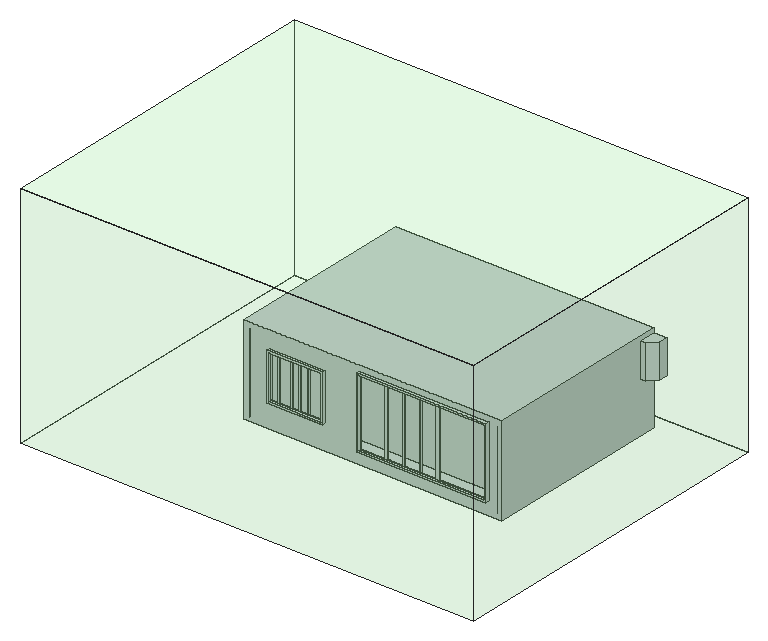
Revit family "BC_Hitachi_RASC_HNpE_LOD_400", category Equipement de génie climatique, Revit 2016
Family settings
  Type d'élément = Normal
  Cote de connecteur circulaire = Utiliser le diamètre
  Numéro OmniClass = 23.75.00.00
  Titre OmniClass = Climate Control (HVAC)
  Basée sur le plan de construction = Non
  Toujours verticalement = Oui
  Couper avec des vides une fois chargée = Non
  Partagée = Non
  Point de calcul de pièce = Non
Parameters (values of type "RASC-10HNPE")
  Voids = 5
  Static Pressure Nominal = 102.0 Pa
  Static Pressure Maximum = 120.0 Pa
  Space between inlet outlet = 245 mm
  Overall Width = 1850 mm
  Overall Height = 640 mm
  Overall Depth = 1360 mm
  Output Width = 398 mm
  Output Height = 337 mm
  Number of Poles = "3"
  Nominal heating power input = 8.52 kW
  Nominal cooling power input = 9.02 kW
  Nominal Voltage = 400 V
  Nominal Current = 24.7 A
  Minimum AC Voltage = 360 V
  Maximum connected capacity = 0 kW
  Maximum Input Power = 15.43 kW
  Maximum AC Voltage = 440 V
  Mass = 303.00 kg
  Input Width = 925 mm
  Input Height = 509 mm
  Heating Capacity = 26 kW
  Frequency = 50 Hz
  Energy Efficiency Ratio (EER) = 2.66
  ESEER = "6.13"
  Distance from left outlet = 188 mm
  Diamètre Gaz Entrée = 25 mm
  Sound pressure level heating (dB(A)) = "57"
  Sound pressure level Night mode cooling (dB(A)) = "52"
  Sound pressure level cooling (dB(A)) = "56"
  Sound power dB(A) = "75"
  Service space [instance] = yes
  Running current heating = 13.7 A
  Running current cooling = 14.5 A
  Refrigerant charge = 6.20 kg
  Refrigerant = "R410A"
  Recommended circuit breaker = 30 A
  Minimum Connected Capacity (%) = "75"
  Maximum Connected Capacity (%) = "120"
  Maximum Air Flow = 115000.0 L/min
  Hight liquid pipe = 391 mm
  Hight Gas pipe = 504 mm
  Fabricant = "HITACHI"
  Diamètre Eau Entrée = 15 mm
  Cooling Capacity = 24 kW
  Commentaires du type = "RASC HNPE"
  Coefficient Of Performance (COP) = 3.05
  BC_OBJECT_ID = ""
Types (5, lengths in mm): name | Static Pressure Nominal | Static Pressure Maximum | Space between inlet outlet | Overall Width | Overall Height | Overall Depth | Output Width | Output Height | Nominal heating power input | Nominal cooling power input | Nominal Current | Maximum Input Power | Mass | Input Width | Input Height | Heating Capacity | Energy Efficiency Ratio (EER) | ESEER | Distance from left outlet | Diamètre Gaz Entrée | Sound pressure level heating (dB(A)) | Sound pressure level Night mode cooling (dB(A)) | Sound pressure level cooling (dB(A)) | Sound power dB(A) | Running current heating | Running current cooling | Refrigerant charge | Recommended circuit breaker | Maximum Air Flow | Hight liquid pipe | Hight Gas pipe | Diamètre Eau Entrée | Cooling Capacity | Coefficient Of Performance (COP)
  RASC-4HNPE | 56.0 Pa | 90.0 Pa | 222 | 1415 | 575 | 1015 | 334 | 288 | 2.95 kW | 2.99 kW | 14.1 A | 8.76 kW | 192.00 kg | 642 | 444 | 11.2 kW | 3.35 | "6.65" | 123 | 18 | "53" | "48" | "52" | "70" | 4.7 A | 4.8 A | 4.10 kg | 20 A | 55000.0 L/min | 319 | 439 | 10 | 10 kW | 3.8
  RASC-5HNPE | 72.0 Pa | 100.0 Pa | 222 | 1415 | 575 | 1015 | 334 | 288 | 4.12 kW | 3.98 kW | 14.1 A | 8.76 kW | 192.00 kg | 642 | 444 | 14 kW | 3.14 | "6.41" | 123 | 18 | "53" | "48" | "52" | "71" | 6.6 A | 6.4 A | 4.20 kg | 20 A | 60000.0 L/min | 319 | 439 | 10 | 12.5 kW | 3.4
  RASC-6HNPE | 100.0 Pa | 100.0 Pa | 222 | 1415 | 575 | 1015 | 334 | 288 | 5.74 kW | 5.09 kW | 16 A | 10.01 kW | 192.00 kg | 642 | 444 | 15.5 kW | 2.75 | "6.19" | 123 | 18 | "54" | "49" | "53" | "72" | 9.2 A | 8.2 A | 4.20 kg | 20 A | 60000.0 L/min | 319 | 439 | 10 | 14 kW | 2.7
  RASC-8HNPE | 84.0 Pa | 120.0 Pa | 245 | 1850 | 640 | 1360 | 398 | 337 | 7 kW | 7.41 kW | 24.7 A | 15.43 kW | 300.00 kg | 925 | 509 | 22.4 kW | 2.7 | "6.15" | 188 | 25 | "56" | "51" | "55" | "74" | 11.2 A | 11.9 A | 5.70 kg | 30 A | 115000.0 L/min | 391 | 504 | 10 | 20 kW | 3.2
  RASC-10HNPE | 102.0 Pa | 120.0 Pa | 245 | 1850 | 640 | 1360 | 398 | 337 | 8.52 kW | 9.02 kW | 24.7 A | 15.43 kW | 303.00 kg | 925 | 509 | 26 kW | 2.66 | "6.13" | 188 | 25 | "57" | "52" | "56" | "75" | 13.7 A | 14.5 A | 6.20 kg | 30 A | 115000.0 L/min | 391 | 504 | 15 | 24 kW | 3.05
Reference planes
  plane 1 "Centre (avant/arrière)": y = 0
  plane 2: z = 0
  plane 3 "Centre (gauche/droite)": x = 0
  plane 4 "Ar": y = 680
  plane 5 "Av": y = -680
  plane 6 "Haut": z = 640
  plane 7 "D": x = 925
  plane 8 "G": x = -925
  plane 9: y = 780
  plane 10: x = -1725
  plane 11: x = 1525
  plane 12: y = -1680
  plane 13 "Service space hight": z = 1640
  plane 14 "Sorti d'air": z = 519
  plane 15: z = 182
  plane 16: x = -737
  plane 17: x = -339
  plane 18: x = -538
  plane 19: z = 350.5
  plane 20: x = -94
  plane 21: z = 600
  plane 22: z = 91
  plane 23: x = 831
  plane 24: z = 30
Forms (mm)
  Extrusion 1, solid, material "Service space walls in 4 directions", visible <- "Service space"
    sketch origin (0, 0, 0) x (1, 0, 0) y (0, 1, 0)
      loop
        line (-1725, 780) -> (-1725, -1680) -> (1525, -1680) -> (1525, 780) -> (-1725, 780)
    from 0 to 1640
  Extrusion 2, solid
    sketch origin (0, 0, 0) x (1, 0, 0) y (0, 1, 0)
      loop
        line (-925, 680) -> (-925, -680) -> (925, -680) -> (925, 680) -> (-925, 680)
    from 0 to 640
  Extrusion 3, solid
    sketch origin (0, 680, 0) x (-1, 0, 0) y (0, 0, 1)
      loop
        circle (-955, 504) r 12.5
      loop
        circle (-955, 391) r 7.5
    from 0 to -15
  Extrusion 4, solid
    sketch origin (0, 0, 640) x (-1, 0, 0) y (0, -1, 0)
      loop
        line (-925, -680) -> (-925, -560) -> (-965, -560) -> (-1020, -615) -> (-1020, -680) -> (-925, -680)
    from -30 to -275
  Extrusion 5, solid
    sketch origin (0, -680, 0) x (1, 0, 0) y (0, 0, 1)
      loop
        line (-737, 519) -> (-737, 182) -> (-339, 182) -> (-339, 519) -> (-737, 519)
      loop
        line (-727, 509) -> (-727, 192) -> (-349, 192) -> (-349, 509) -> (-727, 509)
    from 0 to 25
  Extrusion 6, solid
    sketch origin (0, -680, 0) x (1, 0, 0) y (0, 0, 1)
      loop
        line (-94, 600) -> (-94, 91) -> (831, 91) -> (831, 600) -> (-94, 600)
      loop
        line (-84, 101) -> (821, 101) -> (821, 590) -> (-84, 590) -> (-84, 101)
    from 0 to 25
  Extrusion 7, solid
    sketch origin (0, 680, 0) x (-1, 0, 0) y (0, 0, 1)
      loop
        circle (265.388, 14.46) r 12.5
      loop
        circle (292.888, 14.46) r 12.5
    from 0 to -10
  Extrusion 8, void
    sketch origin (0, -680, 0) x (1, 0, 0) y (0, 0, 1)
      loop
        line (-727, 509) -> (-727, 192) -> (-677.509, 192) -> (-677.509, 509) -> (-727, 509)
    from 0 to -40
  Extrusion 9, void
    sketch origin (0, -12.5, 0) x (1, 0, 0) y (0, 1, 0)
      loop
        line (-880.454, -484.912) -> (-880.454, -664.912) -> (894.546, -664.912) -> (894.546, -484.912) -> (-880.454, -484.912)
    from 30 to 600
  Extrusion 10, void
    sketch origin (0, -680, 0) x (1, 0, 0) y (0, 0, 1)
      loop
        line (-667, 509) -> (-667, 192) -> (-585.509, 192) -> (-585.509, 509) -> (-667, 509)
    from 0 to -40
  Extrusion 11, void
    sketch origin (0, -680, 0) x (1, 0, 0) y (0, 0, 1)
      loop
        line (-575, 509) -> (-575, 192) -> (-525.509, 192) -> (-525.509, 509) -> (-575, 509)
    from 0 to -40
  Extrusion 12, void
    sketch origin (0, -680, 0) x (1, 0, 0) y (0, 0, 1)
      loop
        line (-515, 509) -> (-515, 192) -> (-465.509, 192) -> (-465.509, 509) -> (-515, 509)
    from 0 to -40
  Extrusion 13, void
    sketch origin (0, -680, 0) x (1, 0, 0) y (0, 0, 1)
      loop
        line (-455, 509) -> (-455, 192) -> (-373.509, 192) -> (-373.509, 509) -> (-455, 509)
    from 0 to -40
  Extrusion 14, void
    sketch origin (0, -680, 0) x (1, 0, 0) y (0, 0, 1)
      loop
        line (-84, 590) -> (-84, 101) -> (88.624, 101) -> (88.624, 590) -> (-84, 590)
      loop
        line (109, 590) -> (109, 101) -> (216.124, 101) -> (216.124, 590) -> (109, 590)
      loop
        line (229, 590) -> (229, 101) -> (336.124, 101) -> (336.124, 590) -> (229, 590)
      loop
        line (349, 590) -> (349, 101) -> (456.124, 101) -> (456.124, 590) -> (349, 590)
      loop
        line (481.5, 590) -> (481.5, 101) -> (821, 101) -> (821, 590) -> (481.5, 590)
    from 0 to -50
Cuts and joins
  Extrusion 8, Extrusion 9, Extrusion 10, Extrusion 11, Extrusion 12, Extrusion 13, Extrusion 14 cuts Extrusion 1
  Extrusion 8, Extrusion 9, Extrusion 10, Extrusion 11, Extrusion 12, Extrusion 13, Extrusion 14 cuts Extrusion 2
  Extrusion 14 cuts Extrusion 6
Lines and regions (mm)
  model lines, style "InvisibleLines"
    curve 1: line (925, -62.748, 640) -> (925, 57.252, 640)
Dimensions and locks
  equal spacing: plane 4 "Ar", plane 1 "Centre (avant/arrière)", plane 5 "Av"
  "Overall Depth": plane 4 "Ar" to plane 5 "Av"
  "Overall Height": plane 2 to plane 6 "Haut"
  "Overall Width": plane 8 "G" to plane 7 "D"
  locked: plane 9 to plane 4 "Ar" at 100
  locked: plane 10 to plane 8 "G" at 800
  locked: plane 12 to plane 5 "Av" at 1000
  locked: plane 7 "D" to plane 11 at 600
  locked: plane 13 "Service space hight" to plane 6 "Haut" at 1000
  equal spacing: plane 8 "G", plane 3 "Centre (gauche/droite)", plane 7 "D"
  "Hight liquid pipe": plane 2 to Extrusion 3 sketch curve
  "Hight Gas pipe": plane 2 to Extrusion 3 sketch curve
  locked: plane 7 "D" to Extrusion 3 sketch curve at 30  (x2)
  "Output Width": plane 17 to plane 16
  equal spacing: plane 17, plane 18, plane 16
  equal spacing: plane 14 "Sorti d'air", plane 19, plane 15
  "Output Height": plane 14 "Sorti d'air" to plane 15
  locked: plane 15 to plane 2 at 182
  "Distance from left outlet": plane 16 to plane 8 "G"
  "Input Height": plane 21 to plane 22
  locked: plane 6 "Haut" to plane 21 at 40
  "Input Width": plane 23 to plane 20
  "Space between inlet outlet": plane 20 to plane 17
  locked: plane 24 to plane 2 at 30
  "Diamètre Gaz Entrée": diameter of Extrusion 3 sketch curve
  "Diamètre Eau Entrée": diameter of Extrusion 3 sketch curve
  diameter of Extrusion 7 sketch curve = 25 mm  (x2)
  aligned and locked: level to plane 2
  aligned and locked: Extrusion 1 sketch curve to plane 9
  aligned and locked: plane 10 to Extrusion 1 sketch curve
  aligned and locked: Extrusion 1 sketch curve to plane 12
  aligned and locked: plane 11 to Extrusion 1 sketch curve
  aligned and locked: plane 13 "Service space hight" to Extrusion 1
  aligned and locked: Extrusion 2 sketch curve to plane 4 "Ar"
  aligned and locked: plane 8 "G" to Extrusion 2 sketch curve
  aligned and locked: Extrusion 2 sketch curve to plane 5 "Av"
  aligned and locked: plane 7 "D" to Extrusion 2 sketch curve
  aligned and locked: plane 6 "Haut" to Extrusion 2
  aligned and locked: Extrusion 2 to plane 2
  aligned and locked: Extrusion 5 sketch curve to plane 14 "Sorti d'air"
  aligned and locked: plane 16 to Extrusion 5 sketch curve
  aligned and locked: plane 15 to Extrusion 5 sketch curve
  aligned and locked: Extrusion 5 sketch curve to plane 17
  aligned and locked: Extrusion 6 sketch curve to plane 21
  aligned and locked: plane 20 to Extrusion 6 sketch curve
  aligned and locked: plane 22 to Extrusion 6 sketch curve
  aligned and locked: Extrusion 6 sketch curve to plane 23
  aligned and locked: cut or joined group 1 (Extrusion 2, Extrusion 8, Extrusion 9, Extrusion 10, Extrusion 11, Extrusion 12, Extrusion 13, Extrusion 14) to plane 24
  aligned and locked: cut or joined group 1 to Extrusion 5  (x9)
  aligned and locked: plane 21 to Extrusion 9
  aligned and locked: Extrusion 14 sketch curve to Extrusion 6  (x2)
  aligned and locked: Extrusion 6 to Extrusion 14 sketch curve  (x9)
  aligned and locked: Extrusion 14 sketch curve to cut or joined group of Extrusion 6, Extrusion 14
Automatic sketch dimensions
  curve 1 to plane 7 "D" = 0 mm
  curve 1 to plane 1 "Centre (avant/arrière)" = 57.252 mm
  plane 1 "Centre (avant/arrière)" to curve 1 = 62.748 mm
  Extrusion 4 sketch curve to plane 4 "Ar" = 0 mm
  Extrusion 4 sketch curve to plane 7 "D" = 0 mm
  Extrusion 4 sketch curve to plane 7 "D" = 40 mm
  Extrusion 4 sketch curve to plane 7 "D" = 95 mm
  Extrusion 4 sketch curve to plane 4 "Ar" = 120 mm
  Extrusion 4 sketch curve to plane 4 "Ar" = 65 mm
  plane 15 to Extrusion 5 sketch curve = 10 mm
  Extrusion 5 sketch curve to plane 14 "Sorti d'air" = 10 mm
  Extrusion 5 sketch curve to plane 17 = 10 mm
  plane 16 to Extrusion 5 sketch curve = 10 mm
  plane 20 to Extrusion 6 sketch curve = 10 mm
  Extrusion 6 sketch curve to plane 21 = 10 mm
  plane 22 to Extrusion 6 sketch curve = 10 mm
  Extrusion 6 sketch curve to plane 23 = 10 mm
  level to Extrusion 7 sketch curve = 14.46 mm  (x2)
  plane 17 to Extrusion 7 sketch curve = 73.612 mm
  Extrusion 7 sketch curve to Extrusion 7 sketch curve = 27.5 mm
  Extrusion 9 sketch curve to plane 5 "Av" = 2.588 mm
  plane 8 "G" to Extrusion 9 sketch curve = 44.546 mm
  plane 7 "D" to Extrusion 9 sketch curve = 30.454 mm
  Extrusion 9 sketch curve to Extrusion 9 sketch curve = 180 mm
  plane 15 to Extrusion 10 sketch curve = 10 mm
  plane 16 to Extrusion 10 sketch curve = 70 mm
  Extrusion 10 sketch curve to plane 18 = 47.509 mm
  Extrusion 10 sketch curve to plane 14 "Sorti d'air" = 10 mm
  plane 15 to Extrusion 11 sketch curve = 10 mm
  Extrusion 11 sketch curve to plane 18 = 37 mm
  plane 18 to Extrusion 11 sketch curve = 12.491 mm
  Extrusion 11 sketch curve to plane 14 "Sorti d'air" = 10 mm
  plane 15 to Extrusion 12 sketch curve = 10 mm
  plane 18 to Extrusion 12 sketch curve = 23 mm
  Extrusion 12 sketch curve to Extrusion 12 sketch curve = 49.491 mm
  Extrusion 12 sketch curve to plane 14 "Sorti d'air" = 10 mm
  plane 16 to Extrusion 8 sketch curve = 10 mm
  plane 15 to Extrusion 8 sketch curve = 10 mm
  Extrusion 8 sketch curve to Extrusion 8 sketch curve = 49.491 mm
  Extrusion 8 sketch curve to plane 14 "Sorti d'air" = 10 mm
  plane 15 to Extrusion 13 sketch curve = 10 mm
  plane 18 to Extrusion 13 sketch curve = 83 mm
  Extrusion 13 sketch curve to plane 17 = 34.509 mm
  Extrusion 13 sketch curve to plane 14 "Sorti d'air" = 10 mm
  plane 3 "Centre (gauche/droite)" to Extrusion 14 sketch curve = 88.624 mm
  Extrusion 14 sketch curve to Extrusion 14 sketch curve = 20.376 mm
  Extrusion 14 sketch curve to Extrusion 14 sketch curve = 107.124 mm  (x3)
  Extrusion 14 sketch curve to Extrusion 14 sketch curve = 12.876 mm  (x2)
  Extrusion 14 sketch curve to Extrusion 14 sketch curve = 25.376 mm
Connectors
  hvac at (-538, -680, 350.5), driven by "Output Height", driven by "Output Width"
    settings: on Extrusion 5, index 1, duct flow 0.0 L/min, flow factor 0, pres drop 0.0 Pa, loss coef 0, conn angle 0.00°, conn width 398 mm, conn height 337 mm, conn diameter 609.6 mm, duct sys type 1, conn prof type 1, flow config 0, flow direction 2, loss method 0, conn ref index -1, conn util no, is conn primary yes, conn desc ""
  hvac at (368.5, -680, 345.5), driven by "Input Height", driven by "Input Width"
    settings: on Extrusion 6, index 2, duct flow 0.0 L/min, flow factor 0, pres drop 0.0 Pa, loss coef 0, conn angle 0.00°, conn width 925 mm, conn height 509 mm, conn diameter 609.6 mm, duct sys type 2, conn prof type 1, flow config 0, flow direction 1, loss method 0, conn ref index -1, conn util no, is conn primary no, conn desc ""
  piping at (955, 680, 504), diameter 25, driven by "Diamètre Gaz Entrée"
    settings: on Extrusion 3, index 3, connector inside diameter 609.6 mm, connector length 0 mm, flow factor 0, pipe flow 0.0 L/s, pressure drop 0.0 Pa, fitting loss kfactor 0, connector angle 0.00°, fixture units 0, engagement length 0 mm, angle of deflection 0.00°, flow configuration 0, flow direction 0, fitting loss method 0, system type 29, joint type 0, gender type 0, connector reference index -1, connector utility 0, adjustable connector no, is connector primary yes, connector description ""
  piping at (955, 680, 391), diameter 15, driven by "Diamètre Eau Entrée"
    settings: on Extrusion 3, index 4, connector inside diameter 609.6 mm, connector length 0 mm, flow factor 0, pipe flow 0.0 L/s, pressure drop 0.0 Pa, fitting loss kfactor 0, connector angle 0.00°, fixture units 0, engagement length 0 mm, angle of deflection 0.00°, flow configuration 0, flow direction 1, fitting loss method 0, system type 7, joint type 0, gender type 0, connector reference index -1, connector utility 0, adjustable connector no, is connector primary no, connector description ""
  electrical at (-265.388, 680, 14.46), driven by "Nominal Voltage"
    settings: on Extrusion 7, index 5, voltage 400 V, apparent load 0 VA, apparent load phase1 0 VA, apparent load phase2 0 VA, apparent load phase3 0 VA, power factor 1, load classification "Autre", number of poles 1, system type 30, power factor state 1, is connector primary yes, connector utility no, sub classification motor no, connector description ""
  electrical at (-292.888, 680, 14.46), driven by "Nominal Voltage"
    settings: on Extrusion 7, index 6, voltage 400 V, apparent load 0 VA, apparent load phase1 0 VA, apparent load phase2 0 VA, apparent load phase3 0 VA, power factor 1, load classification "Autre", number of poles 1, system type 30, power factor state 1, is connector primary no, connector utility no, sub classification motor no, connector description ""
